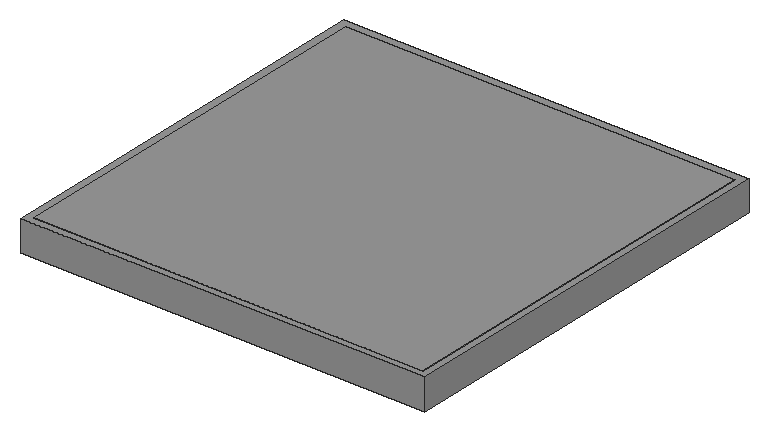
Revit family "ДВО-09 30 Вт Грильято DALI", category Осветительные приборы, Revit 2019
Family settings
  Основа = Потолок
  Размер круглого соединителя = Использовать диаметр
  Тип детали = Нормальный
  Номер OmniClass = 23.80.70.11
  Заголовок OmniClass = Luminaries for Internal Lighting
  Всегда вертикально = Да
  При загрузке вырезать с полостями = Нет
  Источник света = Да
  Общий = Нет
  Точка расчета площади = Нет
Parameters (values of type "ДВО-09-О-30-3К-IP40-Грильято-DALI")
  Эффективность светильника = "123"
  Частота сети = "50 / 60 Гц"
  Цвет корпуса = "Белый"
  Файл фотометрической сетки = "INNOLUX 14 950 DVO-09-O-30-3K-IP40-DALI.ies"
  Угол наклона = 90.00°
  Типоразмер светодиода = "2835"
  Тип рассеивателя = "опал"
  Тип кривой силы света по ГОСТ 54350-2011 = "Д"
  Степень защиты (IP) = "40"
  Срок службы = "80000"
  Способ монтажа = "Встраиваемый / Накладной"
  Сила тока = "0.14 А"
  Световой поток модуля = "1078"
  Пусковой ток = "12.2 А"
  Потребляемый ток = "0"
  Полная установленная мощность = 30 VA
  Объём упаковки = "0.22*0.61*0.61 м"
  built-in parameter 1150142 = "IESNA: LM-63-1995\r\n[TEST] lab - arhilight 2102145\r\n[MANUFAC] INNOLUX\r\n[LUMCAT] 14 950\r\n[LUMINAIRE] DVO-09-O-30-3Ê-IP40-DALI\r\n[LAMPCAT] LED 30W 3000K\r\n[MORE]\r\n[MORE]\r\n[LAMPCAT]\r\n[LAMP] \r\n[BALLAST] NO\r\n[_PRODUCTGROUP] \r\n[_INFOLINK] This file is created by A.Arkhipov (www.arhilight.ru)\r\nTILT=NONE\r\n \r\n1 3434 1 161 73 1 2 0.588 0.588 0.045\r\n 1  1 30.0\r\n\r\n0 1 2 3 4 5 6 7 8 9 10 11 12 13 14 15 16 17 18 19 20 21 22 23 24 25 26 27 28 29 30 31 32 33 34 35 36 37 38 39 40 41 42 43 44 45 46 47 48 49 50 51 52 53 54 55 56 57 58 59 60 61 62 63 64 65 66 67 68 69 70 71 72 73 74 75 76 77 78 79 80 81 82 83 84 85 86 87 88 89 90 91 92 93 94 95 96 97 98 99 100 101 102 103 104 105 106 107 108 109 110 111 112 113 114 115 116 117 118 119 120 121 122 123 124 125 126 127 128 129 130 131 132 133 134 135 136 137 138 139 140 141 142 143 144 145 146 147 148 149 150 151 152 153 154 155 156 157 158 159 160\r\n\r\n0 2.5 5 7.5 10 12.5 15 17.5 20 22.5 25 27.5 30 32.5 35 37.5 40 42.5 45 47.5 50 52.5 55 57.5 60 62.5 65 67.5 70 72.5 75 77.5 80 82.5 85 87.5 90 92.5 95 97.5 100 102.5 105 107.5 110 112.5 115 117.5 120 122.5 125 127.5 130 132.5 135 137.5 140 142.5 145 147.5 150 152.5 155 157.5 160 162.5 165 167.5 170 172.5 175 177.5 180 \r\n\r\n1213.1 1212.5 1211.3 1209.5 1207.5 1205.0 1202.2 1198.8 1194.8 1190.7 1186.0 1181.0 1175.4 1169.1 1162.5 1155.4 1147.9 1140.1 1131.6 1123.0 1114.0 1104.9 1095.6 1085.8 1075.4 1064.4 1053.3 1041.6 1029.7 1017.2 1004.6 991.4 978.3 964.7 951.1 937.4 923.4 908.9 894.5 879.4 864.4 848.5 832.5 815.9 799.4 782.4 765.5 748.1 730.8 713.1 695.7 677.3 659.3 640.5 621.9 602.4 583.3 563.7 544.6 524.8 505.4 485.4 465.4 444.8 424.7 403.8 382.9 362.4 341.4 320.7 299.8 279.3 258.6 238.4 217.9 198.2 178.3 159.2 140.1 121.9 104.0 87.4 71.6 57.5 44.5 33.3 24.2 17.3 12.3 9.1 7.2 6.3 6.1 6.1 6.1 6.2 6.1 6.2 6.3 6.2 0.0 0.0 0.0 0.0 0.0 0.0 0.0 0.0 0.0 0.0 0.0 0.0 0.0 0.0 0.0 0.0 0.0 0.0 0.0 0.0 0.0 0.0 0.0 0.0 0.0 0.0 0.0 0.0 0.0 0.0 0.0 0.0 0.0 0.0 0.0 0.0 0.0 0.0 0.0 0.0 0.0 0.0 0.0 0.0 0.0 0.0 0.0 0.0 0.0 0.0 0.0 0.0 0.0 0.0 0.0 0.0 0.0 0.0 0.0 0.0 0.0\r\n1213.1 1212.5 1211.4 1209.7 1207.7 1205.2 1202.4 1199.0 1195.1 1191.1 1186.4 1181.3 1175.8 1169.6 1163.1 1156.1 1148.7 1141.0 1132.7 1124.2 1115.2 1105.9 1096.5 1086.6 1076.2 1065.2 1054.2 1042.6 1030.9 1018.7 1006.2 993.3 980.2 966.5 952.8 939.0 924.7 910.3 895.5 880.5 865.0 849.3 833.2 816.8 800.2 783.4 766.4 749.3 732.0 714.6 697.1 679.1 660.9 642.4 623.7 604.6 585.4 566.0 546.5 526.9 507.2 487.3 467.1 446.8 426.5 405.8 385.0 364.5 343.5 322.9 301.9 281.4 260.6 240.4 219.8 200.1 180.2 161.0 141.9 123.4 105.7 88.9 73.1 58.6 45.7 34.3 25.1 18.0 12.9 9.6 7.6 6.6 6.2 6.1 6.2 6.2 6.2 6.2 6.3 6.3 0.0 0.0 0.0 0.0 0.0 0.0 0.0 0.0 0.0 0.0 0.0 0.0 0.0 0.0 0.0 0.0 0.0 0.0 0.0 0.0 0.0 0.0 0.0 0.0 0.0 0.0 0.0 0.0 0.0 0.0 0.0 0.0 0.0 0.0 0.0 0.0 0.0 0.0 0.0 0.0 0.0 0.0 0.0 0.0 0.0 0.0 0.0 0.0 0.0 0.0 0.0 0.0 0.0 0.0 0.0 0.0 0.0 0.0 0.0 0.0 0.0\r\n1213.1 1212.4 1211.4 1209.9 1207.9 1205.4 1202.5 1199.2 1195.4 1191.4 1186.7 1181.5 1176.1 1170.0 1163.6 1156.8 1149.5 1141.8 1133.8 1125.3 1116.3 1106.9 1097.4 1087.3 1076.9 1066.0 1055.1 1043.6 1032.1 1020.1 1007.7 995.1 982.0 968.3 954.5 940.5 926.0 911.6 896.4 881.5 865.6 850.1 833.9 817.7 801.0 784.3 767.3 750.5 733.2 716.1 698.4 680.8 662.5 644.3 625.5 606.7 587.4 568.2 548.4 528.9 509.0 489.1 468.8 448.8 428.2 407.8 387.1 366.6 345.6 325.0 304.0 283.4 262.5 242.3 221.7 201.9 182.0 162.7 143.6 124.9 107.4 90.3 74.6 59.7 46.8 35.2 26.0 18.6 13.5 10.1 7.9 6.9 6.3 6.1 6.2 6.2 6.2 6.2 6.3 6.4 0.0 0.0 0.0 0.0 0.0 0.0 0.0 0.0 0.0 0.0 0.0 0.0 0.0 0.0 0.0 0.0 0.0 0.0 0.0 0.0 0.0 0.0 0.0 0.0 0.0 0.0 0.0 0.0 0.0 0.0 0.0 0.0 0.0 0.0 0.0 0.0 0.0 0.0 0.0 0.0 0.0 0.0 0.0 0.0 0.0 0.0 0.0 0.0 0.0 0.0 0.0 0.0 0.0 0.0 0.0 0.0 0.0 0.0 0.0 0.0 0.0\r\n1213.1 1212.4 1211.2 1209.5 1207.3 1204.6 1201.4 1197.9 1193.9 1189.7 1184.8 1179.6 1173.9 1167.8 1161.1 1154.1 1146.5 1138.6 1130.3 1121.6 1112.5 1102.9 1093.3 1083.0 1072.6 1061.6 1050.5 1038.7 1027.0 1014.6 1002.0 989.0 975.7 961.8 947.9 933.7 919.2 904.6 889.6 874.5 859.0 843.5 827.5 811.2 794.7 777.8 760.8 743.6 726.1 708.5 690.7 672.6 654.3 635.8 617.2 598.2 579.1 559.8 540.3 520.6 500.6 480.7 460.3 440.2 419.4 399.0 378.2 357.6 336.7 316.2 295.3 275.0 254.3 234.4 214.1 194.5 175.0 156.0 137.2 119.1 101.8 85.3 70.0 55.8 43.3 32.6 23.9 17.1 12.4 9.3 7.5 6.7 6.4 6.3 6.4 6.4 6.3 6.4 6.5 6.6 0.0 0.0 0.0 0.0 0.0 0.0 0.0 0.0 0.0 0.0 0.0 0.0 0.0 0.0 0.0 0.0 0.0 0.0 0.0 0.0 0.0 0.0 0.0 0.0 0.0 0.0 0.0 0.0 0.0 0.0 0.0 0.0 0.0 0.0 0.0 0.0 0.0 0.0 0.0 0.0 0.0 0.0 0.0 0.0 0.0 0.0 0.0 0.0 0.0 0.0 0.0 0.0 0.0 0.0 0.0 0.0 0.0 0.0 0.0 0.0 0.0\r\n1213.1 1212.4 1211.0 1209.0 1206.6 1203.8 1200.3 1196.6 1192.3 1187.9 1182.9 1177.6 1171.6 1165.5 1158.5 1151.3 1143.5 1135.3 1126.8 1117.8 1108.6 1098.9 1089.1 1078.7 1068.2 1057.1 1045.8 1033.8 1021.8 1009.1 996.3 982.8 969.3 955.2 941.2 926.8 912.4 897.5 882.7 867.5 852.4 836.8 821.0 804.7 788.4 771.2 754.2 736.6 719.0 700.8 683.0 664.4 646.1 627.2 608.8 589.7 570.8 551.3 532.1 512.2 492.1 472.3 451.8 431.6 410.6 390.1 369.2 348.6 327.7 307.3 286.6 266.5 246.0 226.4 206.4 187.1 167.9 149.3 130.8 113.3 96.2 80.2 65.4 51.9 39.8 29.9 21.7 15.6 11.2 8.5 7.0 6.5 6.4 6.4 6.5 6.6 6.4 6.6 6.7 6.7 0.0 0.0 0.0 0.0 0.0 0.0 0.0 0.0 0.0 0.0 0.0 0.0 0.0 0.0 0.0 0.0 0.0 0.0 0.0 0.0 0.0 0.0 0.0 0.0 0.0 0.0 0.0 0.0 0.0 0.0 0.0 0.0 0.0 0.0 0.0 0.0 0.0 0.0 0.0 0.0 0.0 0.0 0.0 0.0 0.0 0.0 0.0 0.0 0.0 0.0 0.0 0.0 0.0 0.0 0.0 0.0 0.0 0.0 0.0 0.0 0.0\r\n1213.1 1212.5 1211.3 1209.5 1207.5 1205.0 1202.2 1198.8 1194.8 1190.7 1186.0 1181.0 1175.4 1169.1 1162.5 1155.4 1147.9 1140.1 1131.6 1123.0 1114.0 1104.9 1095.6 1085.8 1075.4 1064.4 1053.3 1041.6 1029.7 1017.2 1004.6 991.4 978.3 964.7 951.1 937.4 923.4 908.9 894.5 879.4 864.4 848.5 832.5 815.9 799.4 782.4 765.5 748.1 730.8 713.1 695.7 677.3 659.3 640.5 621.9 602.4 583.3 563.7 544.6 524.8 505.4 485.4 465.4 444.8 424.7 403.8 382.9 362.4 341.4 320.7 299.8 279.3 258.6 238.4 217.9 198.2 178.3 159.2 140.1 121.9 104.0 87.4 71.6 57.5 44.5 33.3 24.2 17.3 12.3 9.1 7.2 6.3 6.1 6.1 6.1 6.2 6.1 6.2 6.3 6.2 0.0 0.0 0.0 0.0 0.0 0.0 0.0 0.0 0.0 0.0 0.0 0.0 0.0 0.0 0.0 0.0 0.0 0.0 0.0 0.0 0.0 0.0 0.0 0.0 0.0 0.0 0.0 0.0 0.0 0.0 0.0 0.0 0.0 0.0 0.0 0.0 0.0 0.0 0.0 0.0 0.0 0.0 0.0 0.0 0.0 0.0 0.0 0.0 0.0 0.0 0.0 0.0 0.0 0.0 0.0 0.0 0.0 0.0 0.0 0.0 0.0\r\n1213.1 1212.5 1211.4 1209.7 1207.7 1205.2 1202.4 1199.0 1195.1 1191.1 1186.4 1181.3 1175.8 1169.6 1163.1 1156.1 1148.7 1141.0 1132.7 1124.2 1115.2 1105.9 1096.5 1086.6 1076.2 1065.2 1054.2 1042.6 1030.9 1018.7 1006.2 993.3 980.2 966.5 952.8 939.0 924.7 910.3 895.5 880.5 865.0 849.3 833.2 816.8 800.2 783.4 766.4 749.3 732.0 714.6 697.1 679.1 660.9 642.4 623.7 604.6 585.4 566.0 546.5 526.9 507.2 487.3 467.1 446.8 426.5 405.8 385.0 364.5 343.5 322.9 301.9 281.4 260.6 240.4 219.8 200.1 180.2 161.0 141.9 123.4 105.7 88.9 73.1 58.6 45.7 34.3 25.1 18.0 12.9 9.6 7.6 6.6 6.2 6.1 6.2 6.2 6.2 6.2 6.3 6.3 0.0 0.0 0.0 0.0 0.0 0.0 0.0 0.0 0.0 0.0 0.0 0.0 0.0 0.0 0.0 0.0 0.0 0.0 0.0 0.0 0.0 0.0 0.0 0.0 0.0 0.0 0.0 0.0 0.0 0.0 0.0 0.0 0.0 0.0 0.0 0.0 0.0 0.0 0.0 0.0 0.0 0.0 0.0 0.0 0.0 0.0 0.0 0.0 0.0 0.0 0.0 0.0 0.0 0.0 0.0 0.0 0.0 0.0 0.0 0.0 0.0\r\n1213.1 1212.4 1211.4 1209.9 1207.9 1205.4 1202.5 1199.2 1195.4 1191.4 1186.7 1181.5 1176.1 1170.0 1163.6 1156.8 1149.5 1141.8 1133.8 1125.3 1116.3 1106.9 1097.4 1087.3 1076.9 1066.0 1055.1 1043.6 1032.1 1020.1 1007.7 995.1 982.0 968.3 954.5 940.5 926.0 911.6 896.4 881.5 865.6 850.1 833.9 817.7 801.0 784.3 767.3 750.5 733.2 716.1 698.4 680.8 662.5 644.3 625.5 606.7 587.4 568.2 548.4 528.9 509.0 489.1 468.8 448.8 428.2 407.8 387.1 366.6 345.6 325.0 304.0 283.4 262.5 242.3 221.7 201.9 182.0 162.7 143.6 124.9 107.4 90.3 74.6 59.7 46.8 35.2 26.0 18.6 13.5 10.1 7.9 6.9 6.3 6.1 6.2 6.2 6.2 6.2 6.3 6.4 0.0 0.0 0.0 0.0 0.0 0.0 0.0 0.0 0.0 0.0 0.0 0.0 0.0 0.0 0.0 0.0 0.0 0.0 0.0 0.0 0.0 0.0 0.0 0.0 0.0 0.0 0.0 0.0 0.0 0.0 0.0 0.0 0.0 0.0 0.0 0.0 0.0 0.0 0.0 0.0 0.0 0.0 0.0 0.0 0.0 0.0 0.0 0.0 0.0 0.0 0.0 0.0 0.0 0.0 0.0 0.0 0.0 0.0 0.0 0.0 0.0\r\n1213.1 1212.4 1211.2 1209.5 1207.3 1204.6 1201.4 1197.9 1193.9 1189.7 1184.8 1179.6 1173.9 1167.8 1161.1 1154.1 1146.5 1138.6 1130.3 1121.6 1112.5 1102.9 1093.3 1083.0 1072.6 1061.6 1050.5 1038.7 1027.0 1014.6 1002.0 989.0 975.7 961.8 947.9 933.7 919.2 904.6 889.6 874.5 859.0 843.5 827.5 811.2 794.7 777.8 760.8 743.6 726.1 708.5 690.7 672.6 654.3 635.8 617.2 598.2 579.1 559.8 540.3 520.6 500.6 480.7 460.3 440.2 419.4 399.0 378.2 357.6 336.7 316.2 295.3 275.0 254.3 234.4 214.1 194.5 175.0 156.0 137.2 119.1 101.8 85.3 70.0 55.8 43.3 32.6 23.9 17.1 12.4 9.3 7.5 6.7 6.4 6.3 6.4 6.4 6.3 6.4 6.5 6.6 0.0 0.0 0.0 0.0 0.0 0.0 0.0 0.0 0.0 0.0 0.0 0.0 0.0 0.0 0.0 0.0 0.0 0.0 0.0 0.0 0.0 0.0 0.0 0.0 0.0 0.0 0.0 0.0 0.0 0.0 0.0 0.0 0.0 0.0 0.0 0.0 0.0 0.0 0.0 0.0 0.0 0.0 0.0 0.0 0.0 0.0 0.0 0.0 0.0 0.0 0.0 0.0 0.0 0.0 0.0 0.0 0.0 0.0 0.0 0.0 0.0\r\n1213.1 1212.4 1211.0 1209.0 1206.6 1203.8 1200.3 1196.6 1192.3 1187.9 1182.9 1177.6 1171.6 1165.5 1158.5 1151.3 1143.5 1135.3 1126.8 1117.8 1108.6 1098.9 1089.1 1078.7 1068.2 1057.1 1045.8 1033.8 1021.8 1009.1 996.3 982.8 969.3 955.2 941.2 926.8 912.4 897.5 882.7 867.5 852.4 836.8 821.0 804.7 788.4 771.2 754.2 736.6 719.0 700.8 683.0 664.4 646.1 627.2 608.8 589.7 570.8 551.3 532.1 512.2 492.1 472.3 451.8 431.6 410.6 390.1 369.2 348.6 327.7 307.3 286.6 266.5 246.0 226.4 206.4 187.1 167.9 149.3 130.8 113.3 96.2 80.2 65.4 51.9 39.8 29.9 21.7 15.6 11.2 8.5 7.0 6.5 6.4 6.4 6.5 6.6 6.4 6.6 6.7 6.7 0.0 0.0 0.0 0.0 0.0 0.0 0.0 0.0 0.0 0.0 0.0 0.0 0.0 0.0 0.0 0.0 0.0 0.0 0.0 0.0 0.0 0.0 0.0 0.0 0.0 0.0 0.0 0.0 0.0 0.0 0.0 0.0 0.0 0.0 0.0 0.0 0.0 0.0 0.0 0.0 0.0 0.0 0.0 0.0 0.0 0.0 0.0 0.0 0.0 0.0 0.0 0.0 0.0 0.0 0.0 0.0 0.0 0.0 0.0 0.0 0.0\r\n1213.1 1212.5 1211.3 1209.5 1207.5 1205.0 1202.2 1198.8 1194.8 1190.7 1186.0 1181.0 1175.4 1169.1 1162.5 1155.4 1147.9 1140.1 1131.6 1123.0 1114.0 1104.9 1095.6 1085.8 1075.4 1064.4 1053.3 1041.6 1029.7 1017.2 1004.6 991.4 978.3 964.7 951.1 937.4 923.4 908.9 894.5 879.4 864.4 848.5 832.5 815.9 799.4 782.4 765.5 748.1 730.8 713.1 695.7 677.3 659.3 640.5 621.9 602.4 583.3 563.7 544.6 524.8 505.4 485.4 465.4 444.8 424.7 403.8 382.9 362.4 341.4 320.7 299.8 279.3 258.6 238.4 217.9 198.2 178.3 159.2 140.1 121.9 104.0 87.4 71.6 57.5 44.5 33.3 24.2 17.3 12.3 9.1 7.2 6.3 6.1 6.1 6.1 6.2 6.1 6.2 6.3 6.2 0.0 0.0 0.0 0.0 0.0 0.0 0.0 0.0 0.0 0.0 0.0 0.0 0.0 0.0 0.0 0.0 0.0 0.0 0.0 0.0 0.0 0.0 0.0 0.0 0.0 0.0 0.0 0.0 0.0 0.0 0.0 0.0 0.0 0.0 0.0 0.0 0.0 0.0 0.0 0.0 0.0 0.0 0.0 0.0 0.0 0.0 0.0 0.0 0.0 0.0 0.0 0.0 0.0 0.0 0.0 0.0 0.0 0.0 0.0 0.0 0.0\r\n1213.1 1212.5 1211.4 1209.7 1207.7 1205.2 1202.4 1199.0 1195.1 1191.1 1186.4 1181.3 1175.8 1169.6 1163.1 1156.1 1148.7 1141.0 1132.7 1124.2 1115.2 1105.9 1096.5 1086.6 1076.2 1065.2 1054.2 1042.6 1030.9 1018.7 1006.2 993.3 980.2 966.5 952.8 939.0 924.7 910.3 895.5 880.5 865.0 849.3 833.2 816.8 800.2 783.4 766.4 749.3 732.0 714.6 697.1 679.1 660.9 642.4 623.7 604.6 585.4 566.0 546.5 526.9 507.2 487.3 467.1 446.8 426.5 405.8 385.0 364.5 343.5 322.9 301.9 281.4 260.6 240.4 219.8 200.1 180.2 161.0 141.9 123.4 105.7 88.9 73.1 58.6 45.7 34.3 25.1 18.0 12.9 9.6 7.6 6.6 6.2 6.1 6.2 6.2 6.2 6.2 6.3 6.3 0.0 0.0 0.0 0.0 0.0 0.0 0.0 0.0 0.0 0.0 0.0 0.0 0.0 0.0 0.0 0.0 0.0 0.0 0.0 0.0 0.0 0.0 0.0 0.0 0.0 0.0 0.0 0.0 0.0 0.0 0.0 0.0 0.0 0.0 0.0 0.0 0.0 0.0 0.0 0.0 0.0 0.0 0.0 0.0 0.0 0.0 0.0 0.0 0.0 0.0 0.0 0.0 0.0 0.0 0.0 0.0 0.0 0.0 0.0 0.0 0.0\r\n1213.1 1212.4 1211.4 1209.9 1207.9 1205.4 1202.5 1199.2 1195.4 1191.4 1186.7 1181.5 1176.1 1170.0 1163.6 1156.8 1149.5 1141.8 1133.8 1125.3 1116.3 1106.9 1097.4 1087.3 1076.9 1066.0 1055.1 1043.6 1032.1 1020.1 1007.7 995.1 982.0 968.3 954.5 940.5 926.0 911.6 896.4 881.5 865.6 850.1 833.9 817.7 801.0 784.3 767.3 750.5 733.2 716.1 698.4 680.8 662.5 644.3 625.5 606.7 587.4 568.2 548.4 528.9 509.0 489.1 468.8 448.8 428.2 407.8 387.1 366.6 345.6 325.0 304.0 283.4 262.5 242.3 221.7 201.9 182.0 162.7 143.6 124.9 107.4 90.3 74.6 59.7 46.8 35.2 26.0 18.6 13.5 10.1 7.9 6.9 6.3 6.1 6.2 6.2 6.2 6.2 6.3 6.4 0.0 0.0 0.0 0.0 0.0 0.0 0.0 0.0 0.0 0.0 0.0 0.0 0.0 0.0 0.0 0.0 0.0 0.0 0.0 0.0 0.0 0.0 0.0 0.0 0.0 0.0 0.0 0.0 0.0 0.0 0.0 0.0 0.0 0.0 0.0 0.0 0.0 0.0 0.0 0.0 0.0 0.0 0.0 0.0 0.0 0.0 0.0 0.0 0.0 0.0 0.0 0.0 0.0 0.0 0.0 0.0 0.0 0.0 0.0 0.0 0.0\r\n1213.1 1212.4 1211.2 1209.5 1207.3 1204.6 1201.4 1197.9 1193.9 1189.7 1184.8 1179.6 1173.9 1167.8 1161.1 1154.1 1146.5 1138.6 1130.3 1121.6 1112.5 1102.9 1093.3 1083.0 1072.6 1061.6 1050.5 1038.7 1027.0 1014.6 1002.0 989.0 975.7 961.8 947.9 933.7 919.2 904.6 889.6 874.5 859.0 843.5 827.5 811.2 794.7 777.8 760.8 743.6 726.1 708.5 690.7 672.6 654.3 635.8 617.2 598.2 579.1 559.8 540.3 520.6 500.6 480.7 460.3 440.2 419.4 399.0 378.2 357.6 336.7 316.2 295.3 275.0 254.3 234.4 214.1 194.5 175.0 156.0 137.2 119.1 101.8 85.3 70.0 55.8 43.3 32.6 23.9 17.1 12.4 9.3 7.5 6.7 6.4 6.3 6.4 6.4 6.3 6.4 6.5 6.6 0.0 0.0 0.0 0.0 0.0 0.0 0.0 0.0 0.0 0.0 0.0 0.0 0.0 0.0 0.0 0.0 0.0 0.0 0.0 0.0 0.0 0.0 0.0 0.0 0.0 0.0 0.0 0.0 0.0 0.0 0.0 0.0 0.0 0.0 0.0 0.0 0.0 0.0 0.0 0.0 0.0 0.0 0.0 0.0 0.0 0.0 0.0 0.0 0.0 0.0 0.0 0.0 0.0 0.0 0.0 0.0 0.0 0.0 0.0 0.0 0.0\r\n1213.1 1212.4 1211.0 1209.0 1206.6 1203.8 1200.3 1196.6 1192.3 1187.9 1182.9 1177.6 1171.6 1165.5 1158.5 1151.3 1143.5 1135.3 1126.8 1117.8 1108.6 1098.9 1089.1 1078.7 1068.2 1057.1 1045.8 1033.8 1021.8 1009.1 996.3 982.8 969.3 955.2 941.2 926.8 912.4 897.5 882.7 867.5 852.4 836.8 821.0 804.7 788.4 771.2 754.2 736.6 719.0 700.8 683.0 664.4 646.1 627.2 608.8 589.7 570.8 551.3 532.1 512.2 492.1 472.3 451.8 431.6 410.6 390.1 369.2 348.6 327.7 307.3 286.6 266.5 246.0 226.4 206.4 187.1 167.9 149.3 130.8 113.3 96.2 80.2 65.4 51.9 39.8 29.9 21.7 15.6 11.2 8.5 7.0 6.5 6.4 6.4 6.5 6.6 6.4 6.6 6.7 6.7 0.0 0.0 0.0 0.0 0.0 0.0 0.0 0.0 0.0 0.0 0.0 0.0 0.0 0.0 0.0 0.0 0.0 0.0 0.0 0.0 0.0 0.0 0.0 0.0 0.0 0.0 0.0 0.0 0.0 0.0 0.0 0.0 0.0 0.0 0.0 0.0 0.0 0.0 0.0 0.0 0.0 0.0 0.0 0.0 0.0 0.0 0.0 0.0 0.0 0.0 0.0 0.0 0.0 0.0 0.0 0.0 0.0 0.0 0.0 0.0 0.0\r\n1213.1 1212.5 1211.3 1209.5 1207.5 1205.0 1202.2 1198.8 1194.8 1190.7 1186.0 1181.0 1175.4 1169.1 1162.5 1155.4 1147.9 1140.1 1131.6 1123.0 1114.0 1104.9 1095.6 1085.8 1075.4 1064.4 1053.3 1041.6 1029.7 1017.2 1004.6 991.4 978.3 964.7 951.1 937.4 923.4 908.9 894.5 879.4 864.4 848.5 832.5 815.9 799.4 782.4 765.5 748.1 730.8 713.1 695.7 677.3 659.3 640.5 621.9 602.4 583.3 563.7 544.6 524.8 505.4 485.4 465.4 444.8 424.7 403.8 382.9 362.4 341.4 320.7 299.8 279.3 258.6 238.4 217.9 198.2 178.3 159.2 140.1 121.9 104.0 87.4 71.6 57.5 44.5 33.3 24.2 17.3 12.3 9.1 7.2 6.3 6.1 6.1 6.1 6.2 6.1 6.2 6.3 6.2 0.0 0.0 0.0 0.0 0.0 0.0 0.0 0.0 0.0 0.0 0.0 0.0 0.0 0.0 0.0 0.0 0.0 0.0 0.0 0.0 0.0 0.0 0.0 0.0 0.0 0.0 0.0 0.0 0.0 0.0 0.0 0.0 0.0 0.0 0.0 0.0 0.0 0.0 0.0 0.0 0.0 0.0 0.0 0.0 0.0 0.0 0.0 0.0 0.0 0.0 0.0 0.0 0.0 0.0 0.0 0.0 0.0 0.0 0.0 0.0 0.0\r\n1213.1 1212.5 1211.4 1209.7 1207.7 1205.2 1202.4 1199.0 1195.1 1191.1 1186.4 1181.3 1175.8 1169.6 1163.1 1156.1 1148.7 1141.0 1132.7 1124.2 1115.2 1105.9 1096.5 1086.6 1076.2 1065.2 1054.2 1042.6 1030.9 1018.7 1006.2 993.3 980.2 966.5 952.8 939.0 924.7 910.3 895.5 880.5 865.0 849.3 833.2 816.8 800.2 783.4 766.4 749.3 732.0 714.6 697.1 679.1 660.9 642.4 623.7 604.6 585.4 566.0 546.5 526.9 507.2 487.3 467.1 446.8 426.5 405.8 385.0 364.5 343.5 322.9 301.9 281.4 260.6 240.4 219.8 200.1 180.2 161.0 141.9 123.4 105.7 88.9 73.1 58.6 45.7 34.3 25.1 18.0 12.9 9.6 7.6 6.6 6.2 6.1 6.2 6.2 6.2 6.2 6.3 6.3 0.0 0.0 0.0 0.0 0.0 0.0 0.0 0.0 0.0 0.0 0.0 0.0 0.0 0.0 0.0 0.0 0.0 0.0 0.0 0.0 0.0 0.0 0.0 0.0 0.0 0.0 0.0 0.0 0.0 0.0 0.0 0.0 0.0 0.0 0.0 0.0 0.0 0.0 0.0 0.0 0.0 0.0 0.0 0.0 0.0 0.0 0.0 0.0 0.0 0.0 0.0 0.0 0.0 0.0 0.0 0.0 0.0 0.0 0.0 0.0 0.0\r\n1213.1 1212.4 1211.4 1209.9 1207.9 1205.4 1202.5 1199.2 1195.4 1191.4 1186.7 1181.5 1176.1 1170.0 1163.6 1156.8 1149.5 1141.8 1133.8 1125.3 1116.3 1106.9 1097.4 1087.3 1076.9 1066.0 1055.1 1043.6 1032.1 1020.1 1007.7 995.1 982.0 968.3 954.5 940.5 926.0 911.6 896.4 881.5 865.6 850.1 833.9 817.7 801.0 784.3 767.3 750.5 733.2 716.1 698.4 680.8 6
